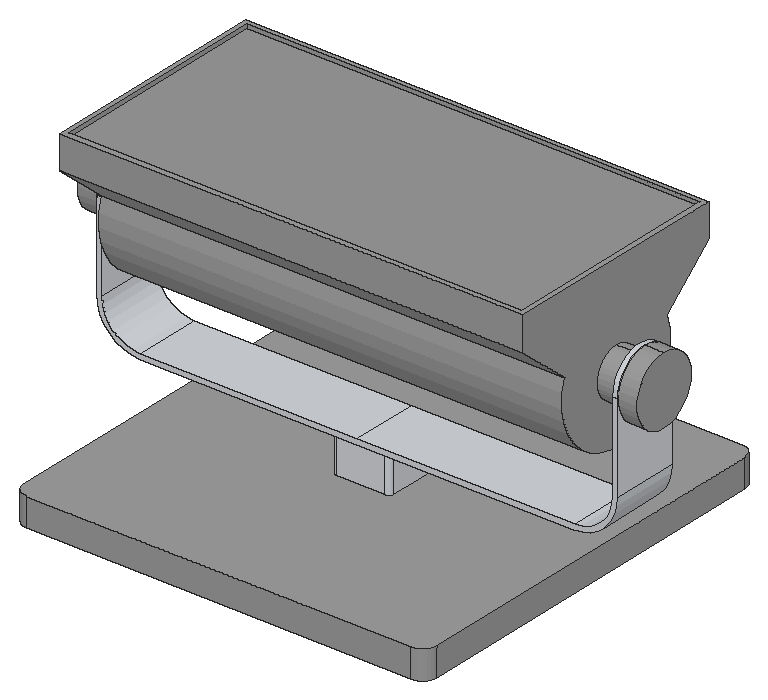
Revit family "Alcon-13126-6-SM-Revit-Family", category Generic Models, host Face, Revit 2025
Family settings
  Host = Face
  Can host rebar = No
  Round Connector Dimension = Use Diameter
  Part Type = Normal
  Cut with Voids When Loaded = No
  Maintain Annotation Orientation = No
  Shared = No
  Room Calculation Point = No
Parameters
  URL = "https://www.alconlighting.com/?srsltid=AfmBOooDPhGQ0dEP-X2PMtxFfvvWpIAEL4jCll_O2F4_to5onvhnBomy"
  Product Page URL = "https://www.alconlighting.com/13126-6.html"
  Model = "13126-6"
  Manufacturer = "ALCON Lighter"
  Housing = Default
  Fixture Rotation = 90.00°
  Default Elevation = 4' - 0"
Reference planes (in)
  plane 1 "Center (Front/Back)": y = 0
  plane 2: z = 0
  plane 3 "Center (Left/Right)": x = 0
  plane 4: z = 2.21166
Forms (in)
  Extrusion 1, solid
    sketch origin (0, 0.03835, 2.5764) x (1, 0, 0) y (0, 0, -1)
      loop
        line (0, 1.64916) -> (2.8125, 1.64916)
        arc (2.8125, 1.64916) -> (3.16605, 1.50272) -> (3.3125, 1.14916) r 0.5
        line (3.3125, 1.14916) -> (3.3125, -0.50555) -> (3.375, -0.50555) -> (3.375, 1.14824)
        arc (3.375, 1.14824) -> (3.20998, 1.54664) -> (2.81158, 1.71166) r 0.56342
        line (2.81158, 1.71166) -> (0, 1.71166) -> (-2.81158, 1.71166)
        arc (-2.81158, 1.71166) -> (-3.20998, 1.54664) -> (-3.375, 1.14824) r 0.56342
        line (-3.375, 1.14824) -> (-3.375, -0.50546) -> (-3.3125, -0.50546) -> (-3.3125, 1.14916)
        arc (-3.3125, 1.14916) -> (-3.16605, 1.50272) -> (-2.8125, 1.64916) r 0.5
        line (-2.8125, 1.64916) -> (0, 1.64916)
    from -0.47585 to 0.39915
  Extrusion 2, solid
    sketch origin (0, 0, 0.86474) x (-1, 0, 0) y (0, 1, 0)
      loop
        arc (-0.375, -0.3125) -> (-0.35669, -0.35669) -> (-0.3125, -0.375) r 0.0625
        line (-0.3125, -0.375) -> (0.3125, -0.375)
        arc (0.3125, -0.375) -> (0.35669, -0.35669) -> (0.375, -0.3125) r 0.0625
        line (0.375, -0.3125) -> (0.375, 0.3125)
        arc (0.375, 0.3125) -> (0.35669, 0.35669) -> (0.3125, 0.375) r 0.0625
        line (0.3125, 0.375) -> (-0.3125, 0.375)
        arc (-0.3125, 0.375) -> (-0.35669, 0.35669) -> (-0.375, 0.3125) r 0.0625
        line (-0.375, 0.3125) -> (-0.375, -0.3125)
    from 0 to 0.5
  Extrusion 3, void
    sketch origin (0, 0, 0.36474) x (0, -1, 0) y (0, 0, 1)
      loop
        arc (-0.4375, 2.21166) -> (0, 2.64916) -> (0.4375, 2.21166) r 0.4375
        line (0.4375, 2.21166) -> (0.4375, 0.3496) -> (0.5625, 0.3496) -> (0.5625, 2.77416) -> (-0.5625, 2.77416) -> (-0.5625, 0.3496) -> (-0.4375, 0.3496) -> (-0.4375, 2.21166)
    from -3.52982 to 3.51919
  Extrusion 4, solid, material "Default" <- "Housing"
    sketch origin (0, 0, 0) x (1, 0, 0) y (0, 1, 0)
      loop
        arc (-2.4875, 2.675) -> (-2.62008, 2.62008) -> (-2.675, 2.4875) r 0.1875
        line (-2.675, 2.4875) -> (-2.675, -2.4875)
        arc (-2.675, -2.4875) -> (-2.62008, -2.62008) -> (-2.4875, -2.675) r 0.1875
        line (-2.4875, -2.675) -> (2.4875, -2.675)
        arc (2.4875, -2.675) -> (2.62008, -2.62008) -> (2.675, -2.4875) r 0.1875
        line (2.675, -2.4875) -> (2.675, 2.4875)
        arc (2.675, 2.4875) -> (2.62008, 2.62008) -> (2.4875, 2.675) r 0.1875
        line (2.4875, 2.675) -> (-2.4875, 2.675)
    from 0 to 0.37
Cuts and joins
  Extrusion 3 cuts Extrusion 1
Dimensions and locks (in)
  "Fixture Rotation": angle nested 1 to plane 4
  aligned and locked: plane 2 to host face
  aligned and locked: level to host face
Automatic sketch dimensions
  host sketch curve to host sketch curve = 8' - 0"  (x2)
  Extrusion 1 sketch curve to plane 3 "Center (Left/Right)" = 0' - 0"  (x2)
  level to Extrusion 1 sketch curve = 0' - 0.86474"
  Extrusion 1 sketch curve to plane 3 "Center (Left/Right)" = 0' - 2.81158"
  Extrusion 1 sketch curve to Extrusion 1 sketch curve = 0' - 0.00092"  (x3)
  Extrusion 1 sketch curve to Extrusion 1 sketch curve = 0' - 0 1/2"
  Extrusion 1 sketch curve to Extrusion 1 sketch curve = 0' - 0 1/16"  (x2)
  level to Extrusion 1 sketch curve = 0' - 1.42816"
  plane 3 "Center (Left/Right)" to Extrusion 1 sketch curve = 0' - 2.81158"
  Extrusion 1 sketch curve to plane 4 = 0' - 0.87029"
  Extrusion 1 sketch curve to plane 4 = 0' - 0.8702"
  plane 3 "Center (Left/Right)" to Extrusion 2 sketch curve = 0' - 0 3/8"
  Extrusion 2 sketch curve to Extrusion 2 sketch curve = 0' - 0 1/16"  (x3)
  Extrusion 2 sketch curve to plane 3 "Center (Left/Right)" = 0' - 0 5/16"  (x2)
  Extrusion 2 sketch curve to plane 1 "Center (Front/Back)" = 0' - 0 3/8"
  plane 1 "Center (Front/Back)" to Extrusion 2 sketch curve = 0' - 0 5/16"
  Extrusion 3 sketch curve to plane 4 = 0' - 0.36474"
  Extrusion 3 sketch curve to plane 1 "Center (Front/Back)" = 0' - 0"
  Extrusion 3 sketch curve to plane 1 "Center (Front/Back)" = 0' - 0 7/16"
  Extrusion 3 sketch curve to Extrusion 3 sketch curve = 0' - 0 1/8"
  plane 1 "Center (Front/Back)" to Extrusion 3 sketch curve = 0' - 0 9/16"
  level to Extrusion 3 sketch curve = 0' - 0.71434"  (x2)
  Extrusion 3 sketch curve to plane 4 = 0' - 0.92724"
  Extrusion 4 sketch curve to plane 3 "Center (Left/Right)" = 0' - 2.675"
  Extrusion 4 sketch curve to Extrusion 4 sketch curve = 0' - 0 3/16"  (x3)
  plane 3 "Center (Left/Right)" to Extrusion 4 sketch curve = 0' - 2.4875"  (x2)
  plane 1 "Center (Front/Back)" to Extrusion 4 sketch curve = 0' - 2.675"
  Extrusion 4 sketch curve to plane 1 "Center (Front/Back)" = 0' - 2.4875"
Nested families (in)
  nested 1: "Alcon - 13126-6 Box_" at (0, 0, 2.5764) x (0, 0, -1) z (-1, 0, 0), type "Alcon - 13126-6 Box_"
    with built-in parameter 1001306 0.21682 (stored number, unit not read)
Definition of nested family "Alcon - 13126-6 Box_"
  Parameters (values of type "Alcon - 13126-6 Box_")
    Wattage = 9.2903 W
    built-in parameter 1150110 = 1 (stored number, unit not read)
    built-in parameter 1114217 = 1 (stored number, unit not read)
    Tilt Angle = 60.00°
    built-in parameter 1150109 = 1 (stored number, unit not read)
    built-in parameter 1150134 = 3
    built-in parameter 1150113 = 1 (stored number, unit not read)
    built-in parameter 1010507 = 1.5708 (stored number, unit not read)
    built-in parameter 1010506 = 0.5236 (stored number, unit not read)
    built-in parameter 1150105 = 4614.1 (stored number, unit not read)
    Lumens = 1380 lm
    built-in parameter 1150115 = 1 (stored number, unit not read)
    Light Source Symbol Length = 10' - 0"
    built-in parameter 1150137 = (empty or 0)
    built-in parameter 1150139 = (empty or 0)
    built-in parameter 1001306 [instance] = 4' - 0"
    built-in parameter 1150112 = 1 (stored number, unit not read)
    built-in parameter 1150114 = 1 (stored number, unit not read)
    built-in parameter 1150132 = (empty or 0)
    built-in parameter 1150102 = (empty or 0)
    built-in parameter 1150107 = 3200 (stored number, unit not read)
    built-in parameter 1150138 = (empty or 0)
    built-in parameter 1150106 = 46.141 (stored number, unit not read)
    Glass Frosted = none
    built-in parameter 1150104 = 13.8 (stored number, unit not read)
    Dimming Lamp Color Temperature Shift = (empty or 0)
    Default Elevation = 0' - 0"
    Color Filter = 16777215
    Body = none
    built-in parameter 1114218 = 1 (stored number, unit not read)
    built-in parameter 1150133 = 10 (stored number, unit not read)
  Reference planes (in)
    plane 1 "Center (Front/Back)": y = 0
    plane 2: z = 0
    plane 3 "Left": x = 0
    plane 4 "Right": x = 48
  Forms (in)
    Extrusion 1, solid, material <- "Body"
      sketch origin (0, -0.82692, 2.54268) x (0, -1, 0) y (1, 0, 0)
        loop
          line (0.67308, -1.3125) -> (0.67308, -0.875) -> (0, -0.28606)
          arc (0, -0.28606) -> (-0.82692, 0.875) -> (-1.65384, -0.28606) r 0.875
          line (-1.65384, -0.28606) -> (-2.32692, -0.875) -> (-2.32692, -1.3125) -> (0.67308, -1.3125)
      from -5.54268 to 0.45732
    Extrusion 2, void
      sketch origin (0, 0, 0) x (1, 0, 0) y (0, 1, 0)
        loop
          line (-1.375, 1.4375) -> (-1.375, -1.4375) -> (-0.90336, -1.4375) -> (-0.30463, -0.75323) -> (-0.30463, 0.75323) -> (-0.90336, 1.4375) -> (-1.375, 1.4375)
      from -2.9375 to 2.9375
    Extrusion 3, solid, material <- "Glass Frosted"
      sketch origin (0, 0, 0) x (0, 1, 0) y (0, 0, 1)
        loop
          line (1.4375, 2.9375) -> (-1.4375, 2.9375) -> (-1.4375, -2.9375) -> (1.4375, -2.9375) -> (1.4375, 2.9375)
      from -1.26766 to -1.2223
    Extrusion 4, solid, material <- "Body"
      sketch origin (0, 0, 0) x (1, 0, 0) y (0, 1, 0)
        loop
          circle (0, 0) r 0.4375
      from -3.625 to 3.625
    Extrusion 5, void
      sketch origin (0, 0, 0) x (1, 0, 0) y (0, 1, 0)
        loop
          circle (0, 0) r 0.4375
        loop
          circle (0, 0) r 0.3125
      from -3.375 to 3.375
  Cuts and joins
    Extrusion 2 cuts Extrusion 1
    Extrusion 5 cuts Extrusion 4
  Lines and regions (in)
    reference lines
      curve 1: line (0, 0, 0) -> (48, 0, 0)
    model lines
      curve 2: line (0, 0, 0) -> (-13.25, 0, 0)
      curve 3: line (0, 0, 0) -> (-13.25, 0, 0)
  Dimensions and locks (in)
    "built-in parameter 1001306": plane 3 "Left" to plane 4 "Right"
    cut or joined group of Extrusion 1, Extrusion 2 to Extrusion 3 = 0' - 5 15/16"
    aligned and locked: plane 4 "Right" to curve 1
    aligned and locked: plane 1 "Center (Front/Back)" to curve 1
    aligned and locked: plane 3 "Left" to curve 1
    aligned and locked: level to plane 2
  Automatic sketch dimensions
    Extrusion 1 sketch curve to Extrusion 1 sketch curve = 0' - 0.67308"  (x2)
    Extrusion 1 sketch curve to Extrusion 1 sketch curve = 0' - 0.82692"
    Extrusion 1 sketch curve to Extrusion 1 sketch curve = 0' - 0 7/16"
    plane 1 "Center (Front/Back)" to Extrusion 1 sketch curve = 0' - 0"
    Extrusion 1 sketch curve to plane 3 "Left" = 0' - 0"
    Extrusion 1 sketch curve to plane 3 "Left" = 0' - 0.28606"
    plane 1 "Center (Front/Back)" to Extrusion 1 sketch curve = 0' - 0.82692"
    Extrusion 1 sketch curve to plane 3 "Left" = 0' - 0 7/8"  (x2)
    Extrusion 2 sketch curve to plane 3 "Left" = 0' - 0.30463"
    Extrusion 2 sketch curve to plane 3 "Left" = 0' - 0.90336"  (x2)
    Extrusion 2 sketch curve to Extrusion 2 sketch curve = 0' - 0.47164"
    plane 1 "Center (Front/Back)" to Extrusion 2 sketch curve = 0' - 0.75323"
    Extrusion 2 sketch curve to Extrusion 2 sketch curve = 0' - 0.68427"  (x2)
    Extrusion 2 sketch curve to plane 1 "Center (Front/Back)" = 0' - 0.75323"
    Extrusion 3 sketch curve to plane 1 "Center (Front/Back)" = 0' - 1 7/16"
    level to Extrusion 3 sketch curve = 0' - 2 15/16"
    plane 1 "Center (Front/Back)" to Extrusion 3 sketch curve = 0' - 1 7/16"
    Extrusion 3 sketch curve to level = 0' - 2 15/16"
    plane 1 "Center (Front/Back)" to curve 2 = 0' - 0"
    curve 2 to plane 3 "Left" = 0' - 0"
    curve 2 to curve 2 = 1' - 1 1/4"
    plane 1 "Center (Front/Back)" to Extrusion 4 sketch curve = 0' - 0"
    Extrusion 4 sketch curve to plane 3 "Left" = 0' - 0"
    curve 3 to plane 3 "Left" = 0' - 0"
    plane 1 "Center (Front/Back)" to Extrusion 5 sketch curve = 0' - 0"
    Extrusion 5 sketch curve to plane 3 "Left" = 0' - 0"
    Extrusion 5 sketch curve to Extrusion 5 sketch curve = 0' - 0 7/16"
    Extrusion 5 sketch curve to Extrusion 5 sketch curve = 0' - 0"  (x2)
    Extrusion 5 sketch curve to Extrusion 5 sketch curve = 0' - 0 1/8"
    plane 1 "Center (Front/Back)" to curve 3 = 0' - 0"
    curve 3 to curve 2 = 0' - 0"
    radius of Extrusion 4 sketch curve = 0' - 0 7/16"
